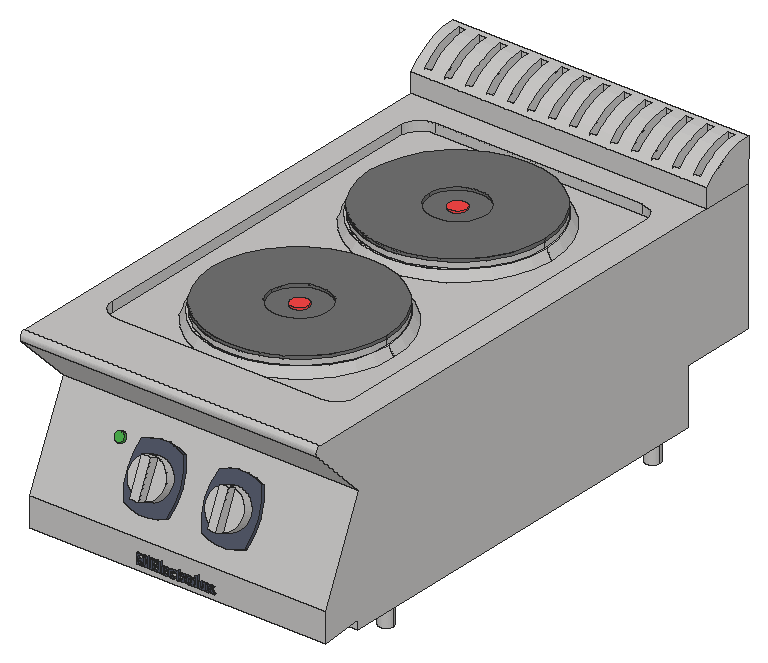
Revit family "QF_ELECTROLUXPROFESSIONAL_371014_E7ECED2R00", category Specialty Equipment, Revit 2018
Family settings
  Round Connector Dimension = Use Diameter
  Part Type = Normal
  Work Plane-Based = No
  Always vertical = Yes
  Cut with Voids When Loaded = No
  Shared = No
  Room Calculation Point = No
Parameters
  Width = 400.05 mm  # constant formula
  Weight in Pounds = 44  # constant formula
  Watts = 5200 VA  # 5200 W
  Volts = 400 V  # constant formula
  URL Cutsheet = "www.electrolux.com/foodservice"
  URL = "www.electrolux.com/foodservice"
  Type Mark [instance] = ""
  Status [instance] = ""
  Specification by User [instance] = ""
  Specification by Manufacturer = ""
  Show Logo [instance] = yes
  Show Clearance [instance] = yes
  Serial Number = ""
  Seismic Rating = ""
  SMACNA No = ""
  Revision Code [instance] = ""
  Phase = 3  # constant formula
  Omniclass Number and Title = ""
  Number of Poles [instance] = 1
  NAFEM Spec ID Number = ""
  Model = "371014"
  Min Ckt Ampacity = 0 A
  Max Overcurrent Protection = 0 A
  Masterspec = ""
  Manufacturer = "ELECTROLUX"
  Item Number [instance] = ""
  Installed By [instance] = ""
  Identify Quantity as Lot [instance] = yes
  Height = 331.8 mm  # constant formula
  HP = "7 HP"
  Furnished By [instance] = ""
  Foodservice Equipment Identifier [instance] = yes
  FL Amps = if(Phase = 3, Watts / (Volts * 1.73), Watts / Volts)  # 7.51445 A
  Electrical Remarks [instance] = "400 V/3N ph/50/60 Hz"  # constant formula
  Electric Connection Type [instance] = ""
  Elec Conn RI Height [instance] = 0 mm
  Elec Conn Connection Height [instance] = 0 mm
  Direct Waste Size = 0"
  Description = "700XP 2 Hot Plate Electric Boiling Top 2.6 KW - 400V"
  Depth = 730.25 mm  # constant formula
  Cycle [instance] = if([60 Hertz Option], 60 Hz, 50 Hz)  # 60 Hz
  Conn Plug = ""
  Conn Conduit = yes
  CSI MasterFormat = ""
  CSI Master Format = ""
  Base Height [instance] = 23.813 mm  # constant formula
  Assembly Code = ""
  Apparent Power = if(Phase = 3, Volts * FL Amps * 1.73, Volts * FL Amps)  # 5200 VA
  60 Hertz Option [instance] = not([50 Hertz Option])  # yes
  50 Hertz Option [instance] = no
Reference planes
  plane 1 "BACK": y = 0
  plane 2: z = 0
  plane 3 "LEFT": x = 0
  plane 4 "RIGHT": x = 400.05
  plane 5 "FRONT": y = -730.25
  plane 6 "TOP": z = 288.925
  plane 7 "Center Y": x = 200.025
  plane 8 "Center X": y = -365.125
  plane 9 "BASE": z = 23.813
  plane 10 "TOP A": z = 274.638
  plane 11: y = -597.884
  plane 12: y = -147.637
  plane 13: z = 331.8
Forms (mm)
  Extrusion 1, solid, material "QF_Finishes_Stainless Steel"
    sketch origin (0, 0, 0) x (0, 1, 0) y (0, 0, 1)
      loop
        line (0, 274.638) -> (-722.762, 274.638)
        arc (-722.762, 274.638) -> (-729.591, 270.074) -> (-727.988, 262.019) r 7.392
        line (-727.988, 262.019) -> (-657.416, 191.447) -> (-713.772, 69.003) -> (-713.772, 30.903) -> (-660.4, 36.513) -> (-660.4, 23.812) -> (-101.6, 23.812) -> (-101.6, 98.425) -> (0, 98.425) -> (0, 274.638)
    from 0 to 400.05
  Extrusion 2, solid, material "QF_Finishes_Stainless Steel"
    sketch origin (0, 0, 0) x (1, 0, 0) y (0, 1, 0)
      loop
        circle (11.112, -147.638) r 9.525
      loop
        circle (11.112, -597.884) r 9.525
      loop
        circle (388.937, -147.638) r 9.525
      loop
        circle (388.937, -597.884) r 9.525
    from 0 to 23.813
  Extrusion 3, solid, material "QF_Finishes_Navy Blue", visible <- "Show Logo"
    sketch origin (-141.676, -713.772, 30.903) x (0, 0, 1) y (-1, 0, 0)
      loop
        line (20.674, -296.698) -> (8.307, -296.698)
        arc (8.307, -296.698) -> (14.491, -301.27) -> (20.674, -296.698) r 6.467
      loop
        arc (20.674, -296.069) -> (19.505, -290.926) -> (14.849, -288.448) r 6.338
        line (14.849, -288.448) -> (14.849, -290.494)
        arc (14.849, -290.494) -> (16.333, -294.149) -> (19.778, -296.069) r 5.941
        line (19.778, -296.069) -> (20.674, -296.069)
      loop
        arc (9.203, -296.069) -> (12.648, -294.149) -> (14.132, -290.494) r 5.941
        line (14.132, -290.494) -> (14.132, -288.448)
        arc (14.132, -288.448) -> (9.438, -290.922) -> (8.148, -296.069) r 6.504
        line (8.148, -296.069) -> (9.203, -296.069)
      loop
        line (21.349, -287.979) -> (7.604, -287.979) -> (7.604, -301.742) -> (21.349, -301.742) -> (21.349, -287.979)
      loop
        arc (21.432, -304.71) -> (21.085, -304.352) -> (20.718, -304.69) r 0.358
        arc (20.718, -304.69) -> (20.404, -305.44) -> (19.687, -305.825) r 1.216
        line (19.687, -305.825) -> (9.274, -305.825)
        arc (9.274, -305.825) -> (8.614, -305.548) -> (8.218, -304.951) r 1.238
        arc (8.218, -304.951) -> (7.823, -304.7) -> (7.518, -305.054) r 0.358
        line (7.518, -305.054) -> (7.518, -314.933) -> (10.269, -314.933) -> (10.269, -314.036)
        arc (10.269, -314.036) -> (9.36, -313.456) -> (8.904, -312.479) r 1.928
        line (8.904, -312.479) -> (8.904, -309.98)
        arc (8.904, -309.98) -> (9.18, -309.251) -> (9.868, -308.887) r 1.101
        line (9.868, -308.887) -> (13.955, -308.887) -> (13.955, -312.561)
        arc (13.955, -312.561) -> (13.602, -313.058) -> (13.037, -313.286) r 1.083
        arc (13.037, -313.286) -> (12.773, -313.591) -> (13.065, -313.869) r 0.292
        line (13.065, -313.869) -> (16.028, -313.869)
        arc (16.028, -313.869) -> (16.33, -313.596) -> (16.092, -313.266) r 0.305
        arc (16.092, -313.266) -> (15.601, -313.018) -> (15.296, -312.561) r 1.083
        line (15.296, -312.561) -> (15.296, -308.887) -> (19.973, -308.887) -> (19.973, -312.635)
        arc (19.973, -312.635) -> (19.759, -313.39) -> (19.153, -313.888) r 1.314
        arc (19.153, -313.888) -> (18.934, -314.292) -> (19.288, -314.585) r 0.361
        line (19.288, -314.585) -> (21.432, -314.585) -> (21.432, -304.71)
      loop
        arc (20.715, -315.365) -> (20.335, -316.284) -> (19.416, -316.664) r 1.299
        line (19.416, -316.664) -> (9.837, -316.664)
        arc (9.837, -316.664) -> (8.999, -316.286) -> (8.728, -315.408) r 1.118
        line (8.728, -315.408) -> (7.518, -315.408) -> (7.518, -320.758) -> (8.706, -320.758)
        arc (8.706, -320.758) -> (8.978, -319.841) -> (9.848, -319.445) r 1.153
        line (9.848, -319.445) -> (21.92, -319.445) -> (20.715, -315.365)
      loop
        line (12.483, -323.394) -> (12.483, -329.842) -> (13.282, -329.842)
        arc (13.282, -329.842) -> (15.862, -328.857) -> (17.131, -326.404) r 3.874
        line (17.131, -326.404) -> (17.131, -324.643)
        arc (17.131, -324.643) -> (15.944, -321.778) -> (13.08, -320.592) r 4.051
        line (13.08, -320.592) -> (11.072, -320.592)
        arc (11.072, -320.592) -> (8.253, -322.077) -> (7.202, -325.084) r 4.352
        arc (7.202, -325.084) -> (7.566, -327.547) -> (8.943, -329.621) r 5.713
        line (8.943, -329.621) -> (9.892, -329.621)
        arc (9.892, -329.621) -> (9.16, -328.052) -> (8.943, -326.334) r 5.579
        arc (8.943, -326.334) -> (9.737, -324.371) -> (11.616, -323.394) r 3.057
        line (11.616, -323.394) -> (12.483, -323.394)
      loop
        line (13.742, -323.394) -> (13.742, -326.977)
        arc (13.742, -326.977) -> (15.199, -327.024) -> (16.082, -325.864) r 1.59
        line (16.082, -325.864) -> (16.082, -325.034)
        arc (16.082, -325.034) -> (15.217, -323.779) -> (13.742, -323.394) r 2.184
      loop
        arc (16.533, -339.259) -> (17.022, -337.585) -> (17.179, -335.848) r 9.023
        line (17.179, -335.848) -> (17.179, -334.486)
        arc (17.179, -334.486) -> (16.02, -331.686) -> (13.22, -330.527) r 3.959
        line (13.22, -330.527) -> (10.62, -330.527)
        arc (10.62, -330.527) -> (8.338, -331.819) -> (7.221, -334.192) r 4.331
        line (7.221, -334.192) -> (7.221, -336.327)
        arc (7.221, -336.327) -> (7.729, -337.877) -> (8.651, -339.223) r 5.772
        arc (8.651, -339.223) -> (9.412, -339.274) -> (9.499, -338.515) r 0.553
        arc (9.499, -338.515) -> (9.111, -337.781) -> (8.977, -336.962) r 2.573
        line (8.977, -336.962) -> (8.977, -335.447)
        arc (8.977, -335.447) -> (9.983, -333.806) -> (11.798, -333.163) r 2.884
        line (11.798, -333.163) -> (13.077, -333.163)
        arc (13.077, -333.163) -> (14.898, -333.723) -> (15.824, -335.388) r 2.554
        line (15.824, -335.388) -> (15.824, -336.441)
        arc (15.824, -336.441) -> (15.493, -337.369) -> (14.836, -338.104) r 2.564
        arc (14.836, -338.104) -> (14.614, -338.821) -> (15.223, -339.259) r 0.643
        line (15.223, -339.259) -> (16.533, -339.259)
      loop
        line (15.515, -339.53) -> (15.515, -341.031) -> (9.467, -341.031)
        arc (9.467, -341.031) -> (7.879, -341.688) -> (7.221, -343.276) r 2.246
        line (7.221, -343.276) -> (7.221, -344.86)
        arc (7.221, -344.86) -> (7.535, -345.725) -> (8.035, -346.496) r 4.06
        arc (8.035, -346.496) -> (8.768, -346.629) -> (9.019, -345.928) r 0.576
        arc (9.019, -345.928) -> (8.913, -345.403) -> (8.977, -344.87) r 1.69
        arc (8.977, -344.87) -> (9.519, -344.082) -> (10.425, -343.779) r 1.506
        line (10.425, -343.779) -> (15.563, -343.779) -> (15.563, -346.176) -> (16.119, -346.733) -> (16.941, -346.733) -> (16.941, -343.873) -> (20.172, -343.873) -> (15.515, -339.53)
      loop
        line (7.438, -347.63) -> (7.438, -353.017) -> (8.548, -353.017)
        arc (8.548, -353.017) -> (8.942, -352.066) -> (9.893, -351.672) r 1.345
        line (9.893, -351.672) -> (13.509, -351.672)
        arc (13.509, -351.672) -> (14.274, -352.264) -> (14.564, -353.186) r 1.615
        line (14.564, -353.186) -> (14.564, -354.742) -> (17.119, -355.427) -> (17.119, -354.044) -> (15.177, -351.485) -> (17.057, -351.485) -> (16.773, -348.779)
        arc (16.773, -348.779) -> (16.333, -348.249) -> (15.674, -348.45) r 0.621
        arc (15.674, -348.45) -> (15.274, -348.792) -> (14.78, -348.975) r 1.501
        line (14.78, -348.975) -> (9.893, -348.975)
        arc (9.893, -348.975) -> (8.942, -348.581) -> (8.548, -347.63) r 1.345
        line (8.548, -347.63) -> (7.438, -347.63)
      loop
        line (13.54, -354.964) -> (10.848, -354.964)
        arc (10.848, -354.964) -> (8.403, -356.272) -> (7.269, -358.803) r 4.288
        arc (7.269, -358.803) -> (7.205, -360.183) -> (7.269, -361.563) r 15.022
        arc (7.269, -361.563) -> (8.403, -364.094) -> (10.848, -365.401) r 4.288
        line (10.848, -365.401) -> (13.54, -365.401)
        arc (13.54, -365.401) -> (15.986, -364.094) -> (17.119, -361.563) r 4.288
        arc (17.119, -361.563) -> (17.183, -360.183) -> (17.119, -358.803) r 15.022
        arc (17.119, -358.803) -> (15.986, -356.272) -> (13.54, -354.964) r 4.288
      loop
        line (13.745, -358.078) -> (10.643, -358.078)
        arc (10.643, -358.078) -> (8.486, -360.235) -> (10.643, -362.392) r 2.157
        line (10.643, -362.392) -> (13.745, -362.392)
        arc (13.745, -362.392) -> (15.902, -360.235) -> (13.745, -358.078) r 2.157
      loop
        arc (20.726, -365.26) -> (20.355, -366.154) -> (19.461, -366.524) r 1.264
        line (19.461, -366.524) -> (9.597, -366.524)
        arc (9.597, -366.524) -> (8.727, -366.127) -> (8.455, -365.211) r 1.153
        line (8.455, -365.211) -> (7.518, -365.211) -> (7.518, -370.319) -> (8.446, -370.319)
        arc (8.446, -370.319) -> (8.805, -369.547) -> (9.597, -369.232) r 1.153
        line (9.597, -369.232) -> (21.92, -369.232) -> (20.726, -365.26)
      loop
        arc (15.846, -369.857) -> (15.647, -370.921) -> (14.678, -371.403) r 1.215
        line (14.678, -371.403) -> (9.658, -371.403)
        arc (9.658, -371.403) -> (8.043, -372.051) -> (7.322, -373.634) r 2.338
        line (7.322, -373.634) -> (7.322, -375.148)
        arc (7.322, -375.148) -> (7.497, -376.152) -> (7.999, -377.038) r 2.979
        line (7.999, -377.038) -> (7.518, -378.835) -> (7.518, -380.524) -> (16.943, -380.524) -> (16.649, -376.32) -> (15.863, -376.32)
        arc (15.863, -376.32) -> (15.507, -377.156) -> (14.755, -377.665) r 1.605
        line (14.755, -377.665) -> (9.652, -377.665)
        arc (9.652, -377.665) -> (9.232, -376.728) -> (9.159, -375.704) r 2.94
        arc (9.159, -375.704) -> (9.72, -374.603) -> (10.873, -374.16) r 1.724
        line (10.873, -374.16) -> (17.07, -374.16) -> (15.846, -369.857)
      loop
        line (16.874, -381.377) -> (15.202, -383.423) -> (12.028, -385.729) -> (8.572, -382.617)
        arc (8.572, -382.617) -> (8.335, -382.223) -> (8.357, -381.764) r 0.789
        line (8.357, -381.764) -> (7.518, -381.764) -> (7.518, -385.309) -> (8.344, -385.309)
        arc (8.344, -385.309) -> (8.686, -384.947) -> (9.176, -385.039) r 0.52
        line (9.176, -385.039) -> (10.976, -386.51) -> (8.858, -387.886)
        arc (8.858, -387.886) -> (8.457, -387.576) -> (8.37, -387.076) r 0.7
        line (8.37, -387.076) -> (7.518, -387.076) -> (7.518, -393.003) -> (8.405, -393.003)
        arc (8.405, -393.003) -> (8.472, -392.344) -> (8.866, -391.813) r 1.247
        line (8.866, -391.813) -> (13.066, -388.532) -> (15.513, -390.585) -> (16.874, -392.327) -> (16.874, -388.604) -> (15.389, -389.026) -> (13.868, -387.749) -> (15.568, -386.559) -> (16.874, -387.336) -> (16.874, -381.377)
    from 0 to 1.644
  Extrusion 4, solid, material "QF_Finishes_Stainless Steel"
    sketch origin (0, -101.6, 101.6) x (0, 0, -1) y (-1, 0, 0)
      loop
        circle (41.275, -347.663) r 12.7
    from 0 to 3.175
  Extrusion 5, solid, material "QF_Finishes_Clearance", visible <- "Show Clearance", detail levels coarse
    sketch origin (0, 0, 0) x (1, 0, 0) y (0, 1, 0)
      loop
        line (0, -730.25) -> (0, 0) -> (400.05, 0) -> (400.05, -730.25) -> (550.069, -730.25) -> (550.069, 150.019) -> (-150.019, 150.019) -> (-150.019, -730.25) -> (0, -730.25)
    from 0 to 331.8
  Extrusion 6, solid, material "QF_Finishes_Stainless Steel"
    sketch origin (0, 0, 0) x (0, 1, 0) y (0, 0, 1)
      loop
        line (0, 274.638) -> (0, 331.8)
        arc (0, 331.8) -> (-38.462, 323.697) -> (-69.85, 300.038) r 90.405
        line (-69.85, 300.038) -> (-69.85, 274.638) -> (0, 274.638)
    from 0 to 400.05
  Extrusion 7, void
    sketch origin (0, 0, 274.638) x (-1, 0, 0) y (0, -1, 0)
      loop
        line (-13.453, 6.761) -> (-13.453, 63.911) -> (-22.749, 63.911) -> (-22.749, 6.761) -> (-13.453, 6.761)
    from 25.4 to 63.5
  Extrusion 8, void
    sketch origin (400.05, 0, 274.638) x (1, 0, 0) y (0, 1, 0)
      loop
        line (-13.453, -6.761) -> (-22.749, -6.761) -> (-22.749, -63.911) -> (-13.453, -63.911) -> (-13.453, -6.761)
    from 25.4 to 63.5
  Extrusion 9, void
    sketch origin (27.988, 0, 274.638) x (-1, 0, 0) y (0, -1, 0)
      loop
        line (-13.453, 6.761) -> (-13.453, 63.911) -> (-22.749, 63.911) -> (-22.749, 6.761) -> (-13.453, 6.761)
    from 25.4 to 63.5
  Extrusion 10, void
    sketch origin (55.977, 0, 274.638) x (-1, 0, 0) y (0, -1, 0)
      loop
        line (-13.453, 6.761) -> (-13.453, 63.911) -> (-22.749, 63.911) -> (-22.749, 6.761) -> (-13.453, 6.761)
    from 25.4 to 63.5
  Extrusion 11, void
    sketch origin (83.965, 0, 274.638) x (-1, 0, 0) y (0, -1, 0)
      loop
        line (-13.453, 6.761) -> (-13.453, 63.911) -> (-22.749, 63.911) -> (-22.749, 6.761) -> (-13.453, 6.761)
    from 25.4 to 63.5
  Extrusion 12, void
    sketch origin (111.953, 0, 274.638) x (-1, 0, 0) y (0, -1, 0)
      loop
        line (-13.453, 6.761) -> (-13.453, 63.911) -> (-22.749, 63.911) -> (-22.749, 6.761) -> (-13.453, 6.761)
    from 25.4 to 63.5
  Extrusion 13, void
    sketch origin (139.942, 0, 274.638) x (-1, 0, 0) y (0, -1, 0)
      loop
        line (-13.453, 6.761) -> (-13.453, 63.911) -> (-22.749, 63.911) -> (-22.749, 6.761) -> (-13.453, 6.761)
    from 25.4 to 63.5
  Extrusion 14, void
    sketch origin (167.93, 0, 274.638) x (-1, 0, 0) y (0, -1, 0)
      loop
        line (-13.453, 6.761) -> (-13.453, 63.911) -> (-22.749, 63.911) -> (-22.749, 6.761) -> (-13.453, 6.761)
    from 25.4 to 63.5
  Extrusion 15, void
    sketch origin (195.918, 0, 274.638) x (-1, 0, 0) y (0, -1, 0)
      loop
        line (-13.453, 6.761) -> (-13.453, 63.911) -> (-22.749, 63.911) -> (-22.749, 6.761) -> (-13.453, 6.761)
    from 25.4 to 63.5
  Extrusion 16, void
    sketch origin (223.907, 0, 274.638) x (-1, 0, 0) y (0, -1, 0)
      loop
        line (-13.453, 6.761) -> (-13.453, 63.911) -> (-22.749, 63.911) -> (-22.749, 6.761) -> (-13.453, 6.761)
    from 25.4 to 63.5
  Extrusion 17, void
    sketch origin (251.895, 0, 274.638) x (-1, 0, 0) y (0, -1, 0)
      loop
        line (-13.453, 6.761) -> (-13.453, 63.911) -> (-22.749, 63.911) -> (-22.749, 6.761) -> (-13.453, 6.761)
    from 25.4 to 63.5
  Extrusion 18, void
    sketch origin (279.884, 0, 274.638) x (-1, 0, 0) y (0, -1, 0)
      loop
        line (-13.453, 6.761) -> (-13.453, 63.911) -> (-22.749, 63.911) -> (-22.749, 6.761) -> (-13.453, 6.761)
    from 25.4 to 63.5
  Extrusion 19, void
    sketch origin (307.872, 0, 274.638) x (-1, 0, 0) y (0, -1, 0)
      loop
        line (-13.453, 6.761) -> (-13.453, 63.911) -> (-22.749, 63.911) -> (-22.749, 6.761) -> (-13.453, 6.761)
    from 25.4 to 63.5
  Extrusion 20, void
    sketch origin (335.86, 0, 274.638) x (-1, 0, 0) y (0, -1, 0)
      loop
        line (-13.453, 6.761) -> (-13.453, 63.911) -> (-22.749, 63.911) -> (-22.749, 6.761) -> (-13.453, 6.761)
    from 25.4 to 63.5
  Extrusion 21, solid, material "QF_Finishes_Navy Blue"
    sketch origin (-13.506, -713.772, 69.003) x (0, 0.418102, 0.9084) y (-1, 0, 0)
      loop
        arc (102.623, -132.62) -> (67.041, -124.996) -> (31.333, -132.003) r 90.5
        arc (31.333, -132.003) -> (24.507, -161.19) -> (31.333, -190.378) r 65.817
        arc (31.333, -190.378) -> (67.04, -197.338) -> (102.623, -189.765) r 91.066
        arc (102.623, -189.765) -> (109.179, -161.193) -> (102.623, -132.62) r 65.546
    from 0 to 3.175
  Extrusion 22, solid, material "QF_Finishes_Stainless Steel"
    sketch origin (-13.506, -717.485, 68.529) x (0, 0.418102, 0.9084) y (-1, 0, 0)
      loop
        circle (68.826, -160.963) r 25.4
    from 0 to 12.7
  Extrusion 23, solid, material "QF_Finishes_Stainless Steel"
    sketch origin (-13.506, -729.022, 73.839) x (0, 0.418102, 0.9084) y (-1, 0, 0)
      loop
        arc (93.558, -166.749) -> (94.226, -160.963) -> (93.558, -155.177) r 25.4
        line (93.558, -155.177) -> (44.094, -155.177)
        arc (44.094, -155.177) -> (43.426, -160.963) -> (44.094, -166.749) r 25.4
        line (44.094, -166.749) -> (93.558, -166.749)
    from 0 to 12.7
  Extrusion 24, solid, material "QF_Finishes_Green"
    sketch origin (0.781, -713.772, 69.003) x (0, 0.418102, 0.9084) y (-1, 0, 0)
      loop
        circle (95.112, -90.848) r 6.35
    from 0 to 3.175
  Extrusion 25, void
    sketch origin (0, 0, 274.638) x (1, 0, 0) y (0, -1, 0)
      loop
        line (60.425, 104.885) -> (339.625, 104.885)
        arc (339.625, 104.885) -> (357.586, 112.324) -> (365.025, 130.285) r 25.4
        line (365.025, 130.285) -> (365.025, 619.485)
        arc (365.025, 619.485) -> (357.586, 637.445) -> (339.625, 644.885) r 25.4
        line (339.625, 644.885) -> (60.425, 644.885)
        arc (60.425, 644.885) -> (42.464, 637.445) -> (35.025, 619.485) r 25.4
        line (35.025, 619.485) -> (35.025, 130.285)
        arc (35.025, 130.285) -> (42.464, 112.324) -> (60.425, 104.885) r 25.4
    from 0 to 12.7
  Extrusion 26, solid, material "QF_Finishes_Navy Blue"
    sketch origin (91.63, -713.772, 69.003) x (0, 0.418102, 0.9084) y (-1, 0, 0)
      loop
        arc (102.623, -132.62) -> (67.041, -124.996) -> (31.333, -132.003) r 90.5
        arc (31.333, -132.003) -> (24.507, -161.19) -> (31.333, -190.378) r 65.817
        arc (31.333, -190.378) -> (67.04, -197.338) -> (102.623, -189.765) r 91.066
        arc (102.623, -189.765) -> (109.179, -161.193) -> (102.623, -132.62) r 65.546
    from 0 to 3.175
  Extrusion 27, solid, material "QF_Finishes_Stainless Steel"
    sketch origin (91.63, -717.485, 68.529) x (0, 0.418102, 0.9084) y (-1, 0, 0)
      loop
        circle (68.826, -160.963) r 25.4
    from 0 to 12.7
  Extrusion 28, solid, material "QF_Finishes_Stainless Steel"
    sketch origin (91.63, -729.022, 73.839) x (0, 0.418102, 0.9084) y (-1, 0, 0)
      loop
        arc (93.558, -166.749) -> (94.226, -160.963) -> (93.558, -155.177) r 25.4
        line (93.558, -155.177) -> (44.094, -155.177)
        arc (44.094, -155.177) -> (43.426, -160.963) -> (44.094, -166.749) r 25.4
        line (44.094, -166.749) -> (93.558, -166.749)
    from 0 to 12.7
Cuts and joins
  Extrusion 7, Extrusion 8, Extrusion 9, Extrusion 10, Extrusion 11, Extrusion 12, Extrusion 13, Extrusion 14, Extrusion 15, Extrusion 16, Extrusion 17, Extrusion 18, Extrusion 19, Extrusion 20 cuts Extrusion 6
  Extrusion 25 cuts Extrusion 1
Lines and regions (mm)
  symbolic lines, style "QF-Clearances", visible <- "Show Clearance", detail levels coarse
    curve 1: line (550.069, 150.019, 274.638) -> (-150.019, 150.019, 274.638)
    curve 2: line (550.069, -731.627, 274.638) -> (550.069, 150.019, 274.638)
    curve 3: line (-150.019, 150.019, 274.638) -> (-150.019, -730.25, 274.638)
    curve 4: line (550.069, 150.019, 274.638) -> (-150.019, 150.019, 274.638)
    curve 5: line (550.069, -730.25, 274.638) -> (550.069, 150.019, 274.638)
  symbolic lines
    curve 6: line (0, 0, 274.638) -> (400.05, 0, 274.638)
    curve 7: line (0, -730.25, 274.638) -> (0, 0, 274.638)
    curve 8: line (400.05, 0, 274.638) -> (400.05, -730.25, 274.638)
    curve 9: line (0, -69.85, 274.638) -> (400.05, -69.85, 274.638)
    curve 10: line (13.453, -6.761, 274.638) -> (22.749, -6.761, 274.638)
    curve 11: line (13.453, -63.911, 274.638) -> (13.453, -6.761, 274.638)
    curve 12: line (22.749, -63.911, 274.638) -> (13.453, -63.911, 274.638)
    curve 13: line (22.749, -6.761, 274.638) -> (22.749, -63.911, 274.638)
    curve 14: line (41.441, -6.761, 274.638) -> (50.737, -6.761, 274.638)
    curve 15: line (41.441, -63.911, 274.638) -> (41.441, -6.761, 274.638)
    curve 16: line (50.737, -63.911, 274.638) -> (41.441, -63.911, 274.638)
    curve 17: line (50.737, -6.761, 274.638) -> (50.737, -63.911, 274.638)
    curve 18: line (69.43, -6.761, 274.638) -> (78.725, -6.761, 274.638)
    curve 19: line (69.43, -63.911, 274.638) -> (69.43, -6.761, 274.638)
    curve 20: line (78.725, -63.911, 274.638) -> (69.43, -63.911, 274.638)
    curve 21: line (78.725, -6.761, 274.638) -> (78.725, -63.911, 274.638)
    curve 22: line (97.418, -6.761, 274.638) -> (106.714, -6.761, 274.638)
    curve 23: line (97.418, -63.911, 274.638) -> (97.418, -6.761, 274.638)
    curve 24: line (106.714, -63.911, 274.638) -> (97.418, -63.911, 274.638)
    curve 25: line (106.714, -6.761, 274.638) -> (106.714, -63.911, 274.638)
    curve 26: line (125.406, -6.761, 274.638) -> (134.702, -6.761, 274.638)
    curve 27: line (125.406, -63.911, 274.638) -> (125.406, -6.761, 274.638)
    curve 28: line (134.702, -63.911, 274.638) -> (125.406, -63.911, 274.638)
    curve 29: line (134.702, -6.761, 274.638) -> (134.702, -63.911, 274.638)
    curve 30: line (153.395, -6.761, 274.638) -> (162.69, -6.761, 274.638)
    curve 31: line (153.395, -63.911, 274.638) -> (153.395, -6.761, 274.638)
    curve 32: line (162.69, -63.911, 274.638) -> (153.395, -63.911, 274.638)
    curve 33: line (162.69, -6.761, 274.638) -> (162.69, -63.911, 274.638)
    curve 34: line (181.383, -6.761, 274.638) -> (190.679, -6.761, 274.638)
    curve 35: line (181.383, -63.911, 274.638) -> (181.383, -6.761, 274.638)
    curve 36: line (190.679, -63.911, 274.638) -> (181.383, -63.911, 274.638)
    curve 37: line (190.679, -6.761, 274.638) -> (190.679, -63.911, 274.638)
    curve 38: line (209.371, -6.761, 274.638) -> (218.667, -6.761, 274.638)
    curve 39: line (209.371, -63.911, 274.638) -> (209.371, -6.761, 274.638)
    curve 40: line (218.667, -63.911, 274.638) -> (209.371, -63.911, 274.638)
    curve 41: line (218.667, -6.761, 274.638) -> (218.667, -63.911, 274.638)
    curve 42: line (237.36, -6.761, 274.638) -> (246.655, -6.761, 274.638)
    curve 43: line (237.36, -63.911, 274.638) -> (237.36, -6.761, 274.638)
    curve 44: line (246.655, -63.911, 274.638) -> (237.36, -63.911, 274.638)
    curve 45: line (246.655, -6.761, 274.638) -> (246.655, -63.911, 274.638)
    curve 46: line (265.348, -6.761, 274.638) -> (274.644, -6.761, 274.638)
    curve 47: line (265.348, -63.911, 274.638) -> (265.348, -6.761, 274.638)
    curve 48: line (274.644, -63.911, 274.638) -> (265.348, -63.911, 274.638)
    curve 49: line (274.644, -6.761, 274.638) -> (274.644, -63.911, 274.638)
    curve 50: line (293.336, -6.761, 274.638) -> (302.632, -6.761, 274.638)
    curve 51: line (293.336, -63.911, 274.638) -> (293.336, -6.761, 274.638)
    curve 52: line (302.632, -63.911, 274.638) -> (293.336, -63.911, 274.638)
    curve 53: line (302.632, -6.761, 274.638) -> (302.632, -63.911, 274.638)
    curve 54: line (321.325, -6.761, 274.638) -> (330.62, -6.761, 274.638)
    curve 55: line (321.325, -63.911, 274.638) -> (321.325, -6.761, 274.638)
    curve 56: line (330.62, -63.911, 274.638) -> (321.325, -63.911, 274.638)
    curve 57: line (330.62, -6.761, 274.638) -> (330.62, -63.911, 274.638)
    curve 58: line (349.313, -6.761, 274.638) -> (358.609, -6.761, 274.638)
    curve 59: line (349.313, -63.911, 274.638) -> (349.313, -6.761, 274.638)
    curve 60: line (358.609, -63.911, 274.638) -> (349.313, -63.911, 274.638)
    curve 61: line (358.609, -6.761, 274.638) -> (358.609, -63.911, 274.638)
    curve 62: line (377.301, -6.761, 274.638) -> (386.597, -6.761, 274.638)
    curve 63: line (377.301, -63.911, 274.638) -> (377.301, -6.761, 274.638)
    curve 64: line (386.597, -63.911, 274.638) -> (377.301, -63.911, 274.638)
    curve 65: line (386.597, -6.761, 274.638) -> (386.597, -63.911, 274.638)
    curve 66: line (400.05, -730.25, 274.638) -> (0, -730.25, 274.638)
    curve 67: line (35.025, -619.485, 0) -> (35.025, -130.285, 0)
    curve 68: arc (35.025, -130.285, 0) -> (42.464, -112.324, 0) -> (60.425, -104.885, 0) r 25.4
    curve 69: line (60.425, -104.885, 0) -> (339.625, -104.885, 0)
    curve 70: arc (339.625, -104.885, 0) -> (357.586, -112.324, 0) -> (365.025, -130.285, 0) r 25.4
    curve 71: line (365.025, -130.285, 0) -> (365.025, -619.485, 0)
    curve 72: arc (365.025, -619.485, 0) -> (357.586, -637.445, 0) -> (339.625, -644.885, 0) r 25.4
    curve 73: line (339.625, -644.885, 0) -> (60.425, -644.885, 0)
    curve 74: arc (60.425, -644.885, 0) -> (42.464, -637.445, 0) -> (35.025, -619.485, 0) r 25.4
Dimensions and locks
  equal spacing: plane 3 "LEFT", plane 7 "Center Y", plane 4 "RIGHT"
  "Width": plane 3 "LEFT" to plane 4 "RIGHT"
  equal spacing: plane 5 "FRONT", plane 8 "Center X", plane 1 "BACK"
  "Depth": plane 5 "FRONT" to plane 1 "BACK"
  plane 1 "BACK" to plane 5 "FRONT" = 730.25 mm
  "Base Height": plane 9 "BASE" to level
  locked: plane 10 "TOP A" to plane 9 "BASE" at 250.825
  plane 10 "TOP A" to plane 9 "BASE" = 250.825 mm
  plane 9 "BASE" to level = 23.813 mm
  plane 4 "RIGHT" to Extrusion 4 sketch curve = 52.388 mm
  plane 13 to level = 331.8 mm
  Extrusion 4 sketch curve to plane 9 "BASE" = 36.513 mm
  aligned and locked: level to plane 2
Automatic sketch dimensions
  plane 4 "RIGHT" to curve 2 = 150.019 mm
  curve 1 to plane 3 "LEFT" = 150.019 mm
  curve 1 to plane 1 "BACK" = 150.019 mm
  plane 5 "FRONT" to curve 2 = 1.377 mm
  Extrusion 1 sketch curve to plane 10 "TOP A" = 0 mm
  Extrusion 1 sketch curve to plane 9 "BASE" = 0 mm
  Extrusion 1 sketch curve to plane 1 "BACK" = 0 mm
  Extrusion 1 sketch curve to plane 12 = 46.038 mm
  plane 11 to Extrusion 1 sketch curve = 59.531 mm
  plane 9 "BASE" to Extrusion 1 sketch curve = 12.7 mm
  plane 11 to Extrusion 1 sketch curve = 62.516 mm
  Extrusion 1 sketch curve to plane 5 "FRONT" = 16.478 mm
  Extrusion 1 sketch curve to plane 5 "FRONT" = 7.488 mm
  Extrusion 1 sketch curve to plane 5 "FRONT" = 2.262 mm
  plane 9 "BASE" to Extrusion 1 sketch curve = 7.09 mm
  Extrusion 1 sketch curve to Extrusion 1 sketch curve = 38.1 mm
  plane 9 "BASE" to Extrusion 1 sketch curve = 74.612 mm
  Extrusion 1 sketch curve to plane 10 "TOP A" = 83.191 mm
  Extrusion 1 sketch curve to plane 10 "TOP A" = 12.619 mm
  plane 11 to Extrusion 2 sketch curve = 0 mm  (x2)
  plane 12 to Extrusion 2 sketch curve = 0 mm  (x2)
  plane 3 "LEFT" to Extrusion 2 sketch curve = 11.112 mm  (x2)
  Extrusion 2 sketch curve to plane 4 "RIGHT" = 11.113 mm  (x2)
  Extrusion 3 sketch curve to Extrusion 1 = 2.161 mm
  Extrusion 3 sketch curve to Extrusion 1 = 7.202 mm
  Extrusion 3 sketch curve to Extrusion 1 = 7.221 mm  (x2)
  Extrusion 3 sketch curve to Extrusion 3 sketch curve = 5.108 mm  (x2)
  Extrusion 3 sketch curve to Extrusion 3 sketch curve = 0 mm  (x27)
  Extrusion 3 sketch curve to Extrusion 1 = 7.322 mm
  Extrusion 3 sketch curve to Extrusion 3 sketch curve = 0.218 mm
  Extrusion 3 sketch curve to Extrusion 3 sketch curve = 0.195 mm
  Extrusion 3 sketch curve to Extrusion 3 sketch curve = 0.249 mm
  Extrusion 3 sketch curve to Extrusion 1 = 7.518 mm
  Extrusion 3 sketch curve to Extrusion 3 sketch curve = 0.087 mm
  Extrusion 3 sketch curve to Extrusion 3 sketch curve = 0.358 mm
  Extrusion 3 sketch curve to Extrusion 3 sketch curve = 0.481 mm
  Extrusion 3 sketch curve to Extrusion 3 sketch curve = 0.597 mm
  Extrusion 3 sketch curve to Extrusion 3 sketch curve = 0.544 mm
  Extrusion 3 sketch curve to Extrusion 3 sketch curve = 0.936 mm
  Extrusion 3 sketch curve to Extrusion 3 sketch curve = 0.594 mm
  Extrusion 3 sketch curve to Extrusion 3 sketch curve = 0.343 mm
  Extrusion 3 sketch curve to Extrusion 3 sketch curve = 0.159 mm
  Extrusion 3 sketch curve to Extrusion 3 sketch curve = 0.826 mm
  Extrusion 3 sketch curve to Extrusion 3 sketch curve = 0.839 mm
  Extrusion 3 sketch curve to Extrusion 3 sketch curve = 0.852 mm
  Extrusion 3 sketch curve to Extrusion 3 sketch curve = 0.887 mm
  Extrusion 3 sketch curve to Extrusion 3 sketch curve = 0.928 mm
  Extrusion 3 sketch curve to Extrusion 3 sketch curve = 0.938 mm
  Extrusion 3 sketch curve to Extrusion 3 sketch curve = 0.444 mm
  Extrusion 3 sketch curve to Extrusion 3 sketch curve = 1.11 mm  (x3)
  Extrusion 3 sketch curve to Extrusion 3 sketch curve = 0.215 mm
  Extrusion 3 sketch curve to Extrusion 3 sketch curve = 1.43 mm
  Extrusion 3 sketch curve to Extrusion 3 sketch curve = 1.188 mm
  Extrusion 3 sketch curve to Extrusion 3 sketch curve = 1.21 mm  (x2)
  Extrusion 3 sketch curve to Extrusion 3 sketch curve = 0.503 mm
  Extrusion 3 sketch curve to Extrusion 3 sketch curve = 0.488 mm
  Extrusion 3 sketch curve to Extrusion 3 sketch curve = 0.462 mm
  Extrusion 3 sketch curve to Extrusion 3 sketch curve = 1.386 mm
  Extrusion 3 sketch curve to Extrusion 3 sketch curve = 1.742 mm  (x2)
  Extrusion 3 sketch curve to Extrusion 3 sketch curve = 0.821 mm
  Extrusion 3 sketch curve to Extrusion 3 sketch curve = 0.497 mm
  Extrusion 3 sketch curve to Extrusion 3 sketch curve = 0.539 mm
  Extrusion 3 sketch curve to Extrusion 3 sketch curve = 0.686 mm
  Extrusion 3 sketch curve to Extrusion 3 sketch curve = 0.408 mm
  Extrusion 3 sketch curve to Extrusion 3 sketch curve = 0.743 mm
  Extrusion 3 sketch curve to Extrusion 3 sketch curve = 1.16 mm
  Extrusion 3 sketch curve to Extrusion 3 sketch curve = 0.329 mm
  Extrusion 3 sketch curve to Extrusion 3 sketch curve = 1.054 mm
  Extrusion 3 sketch curve to Extrusion 3 sketch curve = 1.056 mm
  Extrusion 3 sketch curve to Extrusion 3 sketch curve = 0.129 mm
  Extrusion 3 sketch curve to Extrusion 3 sketch curve = 0.489 mm
  Extrusion 3 sketch curve to Extrusion 3 sketch curve = 0.441 mm
  Extrusion 3 sketch curve to Extrusion 3 sketch curve = 1.151 mm
  Extrusion 3 sketch curve to Extrusion 3 sketch curve = 1.141 mm  (x2)
  Extrusion 3 sketch curve to Extrusion 3 sketch curve = 0.768 mm
  Extrusion 3 sketch curve to Extrusion 3 sketch curve = 1.653 mm
  Extrusion 3 sketch curve to Extrusion 3 sketch curve = 0.499 mm
  Extrusion 3 sketch curve to Extrusion 3 sketch curve = 0.964 mm
  Extrusion 3 sketch curve to Extrusion 3 sketch curve = 0.949 mm
  Extrusion 3 sketch curve to Extrusion 3 sketch curve = 1.345 mm  (x3)
  Extrusion 3 sketch curve to Extrusion 3 sketch curve = 1.101 mm
  Extrusion 3 sketch curve to Extrusion 3 sketch curve = 0.432 mm
  Extrusion 3 sketch curve to Extrusion 3 sketch curve = 1.142 mm
  Extrusion 3 sketch curve to Extrusion 3 sketch curve = 0.959 mm
  Extrusion 3 sketch curve to Extrusion 3 sketch curve = 0.176 mm
  Extrusion 3 sketch curve to Extrusion 3 sketch curve = 0.728 mm
  Extrusion 3 sketch curve to Extrusion 3 sketch curve = 3.375 mm  (x2)
  Extrusion 3 sketch curve to Extrusion 3 sketch curve = 0.541 mm
  Extrusion 3 sketch curve to Extrusion 3 sketch curve = 0.955 mm
  Extrusion 3 sketch curve to Extrusion 3 sketch curve = 1.251 mm
  Extrusion 3 sketch curve to Extrusion 3 sketch curve = 0.572 mm
  Extrusion 3 sketch curve to Extrusion 3 sketch curve = 1.92 mm
  Extrusion 3 sketch curve to Extrusion 3 sketch curve = 1.224 mm
  Extrusion 3 sketch curve to Extrusion 3 sketch curve = 0.745 mm
  Extrusion 3 sketch curve to Extrusion 3 sketch curve = 2.537 mm
  Extrusion 3 sketch curve to Extrusion 3 sketch curve = 0.896 mm  (x3)
  Extrusion 3 sketch curve to Extrusion 3 sketch curve = 0.036 mm
  Extrusion 3 sketch curve to Extrusion 3 sketch curve = 2.607 mm
  Extrusion 3 sketch curve to Extrusion 3 sketch curve = 0.066 mm
  Extrusion 3 sketch curve to Extrusion 3 sketch curve = 0.248 mm
  Extrusion 3 sketch curve to Extrusion 3 sketch curve = 0.449 mm
  Extrusion 3 sketch curve to Extrusion 3 sketch curve = 1.052 mm
  Extrusion 3 sketch curve to Extrusion 3 sketch curve = 1.863 mm
  Extrusion 3 sketch curve to Extrusion 3 sketch curve = 1.31 mm  (x2)
  Extrusion 3 sketch curve to Extrusion 3 sketch curve = 0.901 mm
  Extrusion 3 sketch curve to Extrusion 3 sketch curve = 1.107 mm
  Extrusion 3 sketch curve to Extrusion 3 sketch curve = 2.122 mm
  Extrusion 3 sketch curve to Extrusion 3 sketch curve = 2.101 mm
  Extrusion 3 sketch curve to Extrusion 3 sketch curve = 0.106 mm
  Extrusion 3 sketch curve to Extrusion 3 sketch curve = 0.029 mm
  Extrusion 3 sketch curve to Extrusion 3 sketch curve = 2.09 mm
  Extrusion 3 sketch curve to Extrusion 3 sketch curve = 1.279 mm
  Extrusion 3 sketch curve to Extrusion 3 sketch curve = 2.008 mm
  Extrusion 3 sketch curve to Extrusion 3 sketch curve = 0.738 mm
  Extrusion 3 sketch curve to Extrusion 3 sketch curve = 0.382 mm
  Extrusion 3 sketch curve to Extrusion 3 sketch curve = 0.384 mm
  Extrusion 3 sketch curve to Extrusion 3 sketch curve = 0.002 mm
  Extrusion 3 sketch curve to Extrusion 3 sketch curve = 0.561 mm
  Extrusion 3 sketch curve to Extrusion 3 sketch curve = 0.592 mm
  Extrusion 3 sketch curve to Extrusion 3 sketch curve = 2.692 mm
  Extrusion 3 sketch curve to Extrusion 3 sketch curve = 1.259 mm
  Extrusion 3 sketch curve to Extrusion 3 sketch curve = 0.802 mm
  Extrusion 3 sketch curve to Extrusion 3 sketch curve = 1.024 mm
  Extrusion 3 sketch curve to Extrusion 3 sketch curve = 0.682 mm
  Extrusion 3 sketch curve to Extrusion 3 sketch curve = 5.934 mm
  Extrusion 3 sketch curve to Extrusion 3 sketch curve = 2.186 mm
  Extrusion 3 sketch curve to Extrusion 3 sketch curve = 0.337 mm
  Extrusion 3 sketch curve to Extrusion 3 sketch curve = 0.021 mm
  Extrusion 3 sketch curve to Extrusion 3 sketch curve = 1.005 mm
  Extrusion 3 sketch curve to Extrusion 3 sketch curve = 0.552 mm
  Extrusion 3 sketch curve to Extrusion 3 sketch curve = 0.778 mm
  Extrusion 3 sketch curve to Extrusion 3 sketch curve = 0.063 mm
  Extrusion 3 sketch curve to Extrusion 3 sketch curve = 1.023 mm
  Extrusion 3 sketch curve to Extrusion 3 sketch curve = 3.804 mm
  Extrusion 3 sketch curve to Extrusion 3 sketch curve = 0.486 mm
  Extrusion 3 sketch curve to Extrusion 3 sketch curve = 0.266 mm
  Extrusion 3 sketch curve to Extrusion 3 sketch curve = 1.547 mm
  Extrusion 3 sketch curve to Extrusion 3 sketch curve = 0.717 mm  (x2)
  Extrusion 3 sketch curve to Extrusion 3 sketch curve = 1.667 mm
  Extrusion 3 sketch curve to Extrusion 3 sketch curve = 3.174 mm
  Extrusion 3 sketch curve to Extrusion 3 sketch curve = 0.388 mm
  Extrusion 3 sketch curve to Extrusion 3 sketch curve = 1.342 mm
  Extrusion 3 sketch curve to Extrusion 3 sketch curve = 1.521 mm
  Extrusion 3 sketch curve to Extrusion 3 sketch curve = 0.124 mm
  Extrusion 3 sketch curve to Extrusion 3 sketch curve = 0.291 mm
  Extrusion 3 sketch curve to Extrusion 3 sketch curve = 1.049 mm  (x2)
  Extrusion 3 sketch curve to Extrusion 3 sketch curve = 1.7 mm
  Extrusion 3 sketch curve to Extrusion 3 sketch curve = 0.894 mm
  Extrusion 3 sketch curve to Extrusion 3 sketch curve = 0.989 mm
  Extrusion 3 sketch curve to Extrusion 3 sketch curve = 1.168 mm
  Extrusion 3 sketch curve to Extrusion 3 sketch curve = 1.594 mm
  Extrusion 3 sketch curve to Extrusion 3 sketch curve = 0.731 mm
  Extrusion 3 sketch curve to Extrusion 3 sketch curve = 1.566 mm
  Extrusion 3 sketch curve to Extrusion 3 sketch curve = 0.064 mm
  Extrusion 3 sketch curve to Extrusion 3 sketch curve = 0.556 mm  (x2)
  Extrusion 3 sketch curve to Extrusion 3 sketch curve = 0.48 mm
  Extrusion 3 sketch curve to Extrusion 3 sketch curve = 0.228 mm
  Extrusion 3 sketch curve to Extrusion 3 sketch curve = 1.018 mm
  Extrusion 3 sketch curve to Extrusion 3 sketch curve = 0.787 mm
  Extrusion 3 sketch curve to Extrusion 3 sketch curve = 0.618 mm
  Extrusion 3 sketch curve to Extrusion 3 sketch curve = 1.672 mm
  Extrusion 3 sketch curve to Extrusion 3 sketch curve = 1.361 mm
  Extrusion 3 sketch curve to Extrusion 3 sketch curve = 0.822 mm
  Extrusion 3 sketch curve to Extrusion 3 sketch curve = 0.069 mm
  Extrusion 3 sketch curve to Extrusion 3 sketch curve = 1.88 mm
  Extrusion 3 sketch curve to Extrusion 3 sketch curve = 0.42 mm
  Extrusion 3 sketch curve to Extrusion 3 sketch curve = 0.062 mm
  Extrusion 3 sketch curve to Extrusion 3 sketch curve = 1.355 mm
  Extrusion 3 sketch curve to Extrusion 3 sketch curve = 2.34 mm
  Extrusion 3 sketch curve to Extrusion 3 sketch curve = 0.493 mm
  Extrusion 3 sketch curve to Extrusion 3 sketch curve = 0.136 mm
  Extrusion 3 sketch curve to Extrusion 3 sketch curve = 0.128 mm
  Extrusion 3 sketch curve to Extrusion 3 sketch curve = 3.616 mm
  Extrusion 3 sketch curve to Extrusion 3 sketch curve = 4.207 mm
  Extrusion 3 sketch curve to Extrusion 3 sketch curve = 0.183 mm
  Extrusion 3 sketch curve to Extrusion 3 sketch curve = 0.895 mm
  Extrusion 3 sketch curve to Extrusion 3 sketch curve = 1.314 mm
  Extrusion 3 sketch curve to Extrusion 3 sketch curve = 3.231 mm
  Extrusion 3 sketch curve to Extrusion 3 sketch curve = 1.299 mm
  Extrusion 3 sketch curve to Extrusion 3 sketch curve = 1.214 mm
  Extrusion 3 sketch curve to Extrusion 3 sketch curve = 1.264 mm
  Extrusion 3 sketch curve to Extrusion 3 sketch curve = 0.109 mm
  Extrusion 3 sketch curve to Extrusion 3 sketch curve = 0.357 mm
  Extrusion 3 sketch curve to Extrusion 3 sketch curve = 0.565 mm
  Extrusion 3 sketch curve to Extrusion 3 sketch curve = 2.504 mm
  Extrusion 3 sketch curve to Extrusion 3 sketch curve = 2.459 mm
  Extrusion 1 to Extrusion 3 sketch curve = 148.723 mm
  Extrusion 3 sketch curve to Extrusion 3 sketch curve = 0.208 mm
  Extrusion 3 sketch curve to Extrusion 3 sketch curve = 0.468 mm  (x2)
  Extrusion 3 sketch curve to Extrusion 3 sketch curve = 1.559 mm
  Extrusion 3 sketch curve to Extrusion 3 sketch curve = 0.422 mm  (x2)
  Extrusion 3 sketch curve to Extrusion 3 sketch curve = 0.494 mm
  Extrusion 3 sketch curve to Extrusion 3 sketch curve = 3.927 mm
  Extrusion 3 sketch curve to Extrusion 3 sketch curve = 0.782 mm
  Extrusion 3 sketch curve to Extrusion 3 sketch curve = 1.268 mm
  Extrusion 3 sketch curve to Extrusion 3 sketch curve = 0.671 mm
  Extrusion 3 sketch curve to Extrusion 3 sketch curve = 0.777 mm
  Extrusion 3 sketch curve to Extrusion 3 sketch curve = 0.704 mm
  Extrusion 3 sketch curve to Extrusion 3 sketch curve = 0.781 mm  (x2)
  Extrusion 3 sketch curve to Extrusion 3 sketch curve = 1.634 mm
  Extrusion 3 sketch curve to Extrusion 3 sketch curve = 0.132 mm
  Extrusion 3 sketch curve to Extrusion 3 sketch curve = 3.136 mm
  Extrusion 3 sketch curve to Extrusion 3 sketch curve = 2.422 mm
  Extrusion 3 sketch curve to Extrusion 3 sketch curve = 0.586 mm
  Extrusion 3 sketch curve to Extrusion 3 sketch curve = 2.046 mm  (x2)
  Extrusion 3 sketch curve to Extrusion 3 sketch curve = 1.241 mm
  Extrusion 3 sketch curve to Extrusion 3 sketch curve = 1.689 mm
  Extrusion 3 sketch curve to Extrusion 3 sketch curve = 2.859 mm
  Extrusion 3 sketch curve to Extrusion 3 sketch curve = 0.627 mm
  Extrusion 3 sketch curve to Extrusion 3 sketch curve = 0.863 mm
  Extrusion 3 sketch curve to Extrusion 3 sketch curve = 0.419 mm
  Extrusion 3 sketch curve to Extrusion 3 sketch curve = 1.514 mm
  Extrusion 3 sketch curve to Extrusion 3 sketch curve = 1.019 mm
  Extrusion 3 sketch curve to Extrusion 3 sketch curve = 0.065 mm
  Extrusion 3 sketch curve to Extrusion 3 sketch curve = 1.215 mm
  Extrusion 3 sketch curve to Extrusion 3 sketch curve = 2.708 mm
  Extrusion 3 sketch curve to Extrusion 3 sketch curve = 1.122 mm
  Extrusion 3 sketch curve to Extrusion 3 sketch curve = 1.153 mm
  Extrusion 3 sketch curve to Extrusion 3 sketch curve = 3.009 mm
  Extrusion 3 sketch curve to Extrusion 3 sketch curve = 0.829 mm  (x2)
  Extrusion 3 sketch curve to Extrusion 3 sketch curve = 0.934 mm
  Extrusion 3 sketch curve to Extrusion 3 sketch curve = 3.376 mm
  Extrusion 3 sketch curve to Extrusion 3 sketch curve = 0.222 mm
  Extrusion 3 sketch curve to Extrusion 3 sketch curve = 1.383 mm
  Extrusion 3 sketch curve to Extrusion 3 sketch curve = 1.556 mm
  Extrusion 3 sketch curve to Extrusion 3 sketch curve = 2.559 mm
  Extrusion 3 sketch curve to Extrusion 3 sketch curve = 2.51 mm
  Extrusion 3 sketch curve to Extrusion 3 sketch curve = 0.131 mm
  Extrusion 3 sketch curve to Extrusion 3 sketch curve = 1.717 mm
  Extrusion 3 sketch curve to Extrusion 3 sketch curve = 1.134 mm
  Extrusion 3 sketch curve to Extrusion 3 sketch curve = 0.366 mm
  Extrusion 3 sketch curve to Extrusion 3 sketch curve = 0.094 mm
  Extrusion 3 sketch curve to Extrusion 3 sketch curve = 1.584 mm
  Extrusion 3 sketch curve to Extrusion 3 sketch curve = 1.501 mm
  Extrusion 3 sketch curve to Extrusion 3 sketch curve = 0.27 mm
  Extrusion 3 sketch curve to Extrusion 3 sketch curve = 1.808 mm
  Extrusion 3 sketch curve to Extrusion 3 sketch curve = 0.643 mm
  Extrusion 3 sketch curve to Extrusion 3 sketch curve = 0.916 mm
  Extrusion 3 sketch curve to Extrusion 3 sketch curve = 0.352 mm
  Extrusion 3 sketch curve to Extrusion 3 sketch curve = 0.458 mm
  Extrusion 3 sketch curve to Extrusion 3 sketch curve = 1.282 mm
  Extrusion 3 sketch curve to Extrusion 3 sketch curve = 1.363 mm
  Extrusion 3 sketch curve to Extrusion 3 sketch curve = 0.685 mm
  Extrusion 3 sketch curve to Extrusion 3 sketch curve = 0.905 mm
  Extrusion 3 sketch curve to Extrusion 3 sketch curve = 2.865 mm
  Extrusion 3 sketch curve to Extrusion 3 sketch curve = 0.472 mm
  Extrusion 3 sketch curve to Extrusion 3 sketch curve = 0.101 mm
  Extrusion 3 sketch curve to Extrusion 3 sketch curve = 0.54 mm
  Extrusion 3 sketch curve to Extrusion 3 sketch curve = 0.02 mm
  Extrusion 3 sketch curve to Extrusion 3 sketch curve = 0.582 mm
  Extrusion 3 sketch curve to Extrusion 3 sketch curve = 0.166 mm
  Extrusion 3 sketch curve to Extrusion 3 sketch curve = 0.16 mm
  Extrusion 3 sketch curve to Extrusion 3 sketch curve = 2.781 mm
  Extrusion 3 sketch curve to Extrusion 3 sketch curve = 1.118 mm
  Extrusion 3 sketch curve to Extrusion 3 sketch curve = 0.613 mm
  Extrusion 3 sketch curve to Extrusion 3 sketch curve = 0.361 mm
  Extrusion 3 sketch curve to Extrusion 3 sketch curve = 0.897 mm
  Extrusion 3 sketch curve to Extrusion 3 sketch curve = 0.167 mm
  Extrusion 3 sketch curve to Extrusion 3 sketch curve = 0.292 mm
  Extrusion 3 sketch curve to Extrusion 3 sketch curve = 0.305 mm
  Extrusion 3 sketch curve to Extrusion 3 sketch curve = 1.557 mm
  Extrusion 3 sketch curve to Extrusion 3 sketch curve = 2.499 mm
  Extrusion 3 sketch curve to Extrusion 3 sketch curve = 3.062 mm
  Extrusion 3 sketch curve to Extrusion 3 sketch curve = 2.968 mm
  Extrusion 3 sketch curve to Extrusion 3 sketch curve = 5.044 mm
  Extrusion 3 sketch curve to Extrusion 3 sketch curve = 0.629 mm  (x2)
  Extrusion 3 sketch curve to Extrusion 3 sketch curve = 1.131 mm
  Extrusion 3 sketch curve to Extrusion 3 sketch curve = 0.137 mm
  Extrusion 3 sketch curve to Extrusion 3 sketch curve = 0.027 mm
  Extrusion 3 sketch curve to Extrusion 3 sketch curve = 2.235 mm
  plane 5 "FRONT" to Extrusion 5 sketch curve = 0 mm  (x2)
  plane 1 "BACK" to Extrusion 5 sketch curve = 0 mm
  Extrusion 5 sketch curve to plane 3 "LEFT" = 0 mm
  Extrusion 5 sketch curve to plane 4 "RIGHT" = 0 mm
  Extrusion 5 sketch curve to plane 3 "LEFT" = 150.019 mm
  Extrusion 5 sketch curve to Extrusion 5 sketch curve = 150.019 mm
  Extrusion 5 sketch curve to plane 1 "BACK" = 150.019 mm
  plane 1 "BACK" to Extrusion 7 sketch curve = 6.761 mm
  plane 3 "LEFT" to Extrusion 7 sketch curve = 22.749 mm
  Extrusion 7 sketch curve to Extrusion 7 sketch curve = 9.296 mm
  Extrusion 7 sketch curve to Extrusion 7 sketch curve = 57.15 mm
  Extrusion 8 sketch curve to plane 1 "BACK" = 6.761 mm
  plane 4 "RIGHT" to Extrusion 8 sketch curve = 22.749 mm
  Extrusion 8 sketch curve to Extrusion 8 sketch curve = 9.296 mm
  Extrusion 8 sketch curve to Extrusion 8 sketch curve = 57.15 mm
  plane 1 "BACK" to Extrusion 9 sketch curve = 6.761 mm
  plane 3 "LEFT" to Extrusion 9 sketch curve = 50.737 mm
  Extrusion 9 sketch curve to Extrusion 9 sketch curve = 9.296 mm
  Extrusion 9 sketch curve to Extrusion 9 sketch curve = 57.15 mm
  plane 1 "BACK" to Extrusion 10 sketch curve = 6.761 mm
  Extrusion 10 sketch curve to Extrusion 10 sketch curve = 9.296 mm
  Extrusion 10 sketch curve to Extrusion 10 sketch curve = 57.15 mm
  plane 1 "BACK" to Extrusion 11 sketch curve = 6.761 mm
  Extrusion 11 sketch curve to Extrusion 11 sketch curve = 9.296 mm
  Extrusion 11 sketch curve to Extrusion 11 sketch curve = 57.15 mm
  plane 1 "BACK" to Extrusion 12 sketch curve = 6.761 mm
  Extrusion 12 sketch curve to Extrusion 12 sketch curve = 9.296 mm
  Extrusion 12 sketch curve to Extrusion 12 sketch curve = 57.15 mm
  plane 1 "BACK" to Extrusion 13 sketch curve = 6.761 mm
  Extrusion 13 sketch curve to Extrusion 13 sketch curve = 57.15 mm
  Extrusion 14 sketch curve to plane 7 "Center Y" = 9.346 mm
  Extrusion 14 sketch curve to Extrusion 14 sketch curve = 9.296 mm
  plane 1 "BACK" to Extrusion 14 sketch curve = 6.761 mm
  Extrusion 14 sketch curve to Extrusion 14 sketch curve = 57.15 mm
  plane 1 "BACK" to Extrusion 15 sketch curve = 6.761 mm
  plane 7 "Center Y" to Extrusion 15 sketch curve = 18.642 mm
  Extrusion 15 sketch curve to Extrusion 15 sketch curve = 9.296 mm
  Extrusion 15 sketch curve to Extrusion 15 sketch curve = 57.15 mm
  Extrusion 16 sketch curve to Extrusion 16 sketch curve = 9.296 mm
  plane 1 "BACK" to Extrusion 16 sketch curve = 6.761 mm
  Extrusion 16 sketch curve to Extrusion 16 sketch curve = 57.15 mm
  plane 1 "BACK" to Extrusion 17 sketch curve = 6.761 mm
  Extrusion 17 sketch curve to Extrusion 17 sketch curve = 9.296 mm
  Extrusion 17 sketch curve to Extrusion 17 sketch curve = 57.15 mm
  plane 1 "BACK" to Extrusion 18 sketch curve = 6.761 mm
  Extrusion 18 sketch curve to Extrusion 18 sketch curve = 9.296 mm
  Extrusion 18 sketch curve to Extrusion 18 sketch curve = 57.15 mm
  plane 1 "BACK" to Extrusion 19 sketch curve = 6.761 mm
  Extrusion 19 sketch curve to plane 4 "RIGHT" = 69.43 mm
  Extrusion 19 sketch curve to Extrusion 19 sketch curve = 9.296 mm
  Extrusion 19 sketch curve to Extrusion 19 sketch curve = 57.15 mm
  plane 1 "BACK" to Extrusion 20 sketch curve = 6.761 mm
  Extrusion 20 sketch curve to plane 4 "RIGHT" = 41.441 mm
  Extrusion 20 sketch curve to Extrusion 20 sketch curve = 9.296 mm
  Extrusion 20 sketch curve to Extrusion 20 sketch curve = 57.15 mm
  Extrusion 21 sketch curve to plane 7 "Center Y" = 23.153 mm
  Extrusion 21 sketch curve to Extrusion 21 sketch curve = 0 mm
  Extrusion 21 sketch curve to Extrusion 21 sketch curve = 12.3 mm  (x3)
  plane 7 "Center Y" to Extrusion 21 sketch curve = 1.961 mm
  Extrusion 21 sketch curve to Extrusion 21 sketch curve = 34.925 mm  (x2)
  Extrusion 21 sketch curve to Extrusion 21 sketch curve = 46.691 mm
  Extrusion 23 sketch curve to Extrusion 23 sketch curve = 24.732 mm
  Extrusion 23 sketch curve to Extrusion 23 sketch curve = 0 mm
  plane 5 "FRONT" to curve 5 = 0 mm
  curve 9 to plane 4 "RIGHT" = 0 mm
  plane 1 "BACK" to curve 7 = 0 mm
  curve 7 to plane 3 "LEFT" = 0 mm
  plane 5 "FRONT" to curve 3 = 0 mm
  plane 5 "FRONT" to curve 7 = 0 mm
  plane 4 "RIGHT" to curve 5 = 150.019 mm
  curve 65 to plane 4 "RIGHT" = 13.453 mm
  curve 62 to curve 63 = 9.296 mm
  curve 63 to curve 61 = 18.693 mm
  curve 60 to curve 59 = 9.296 mm
  curve 59 to curve 57 = 18.693 mm
  curve 56 to curve 55 = 9.296 mm
  curve 55 to curve 53 = 18.693 mm
  curve 52 to curve 51 = 9.296 mm
  curve 51 to curve 49 = 18.693 mm
  curve 48 to curve 47 = 9.296 mm
  curve 44 to curve 43 = 9.296 mm
  plane 1 "BACK" to curve 41 = 6.761 mm
  plane 7 "Center Y" to curve 41 = 18.642 mm
  curve 40 to curve 39 = 9.296 mm
  curve 37 to plane 7 "Center Y" = 9.346 mm
  curve 36 to curve 36 = 9.296 mm
  plane 1 "BACK" to curve 29 = 6.761 mm
  curve 28 to curve 27 = 9.296 mm
  plane 1 "BACK" to curve 25 = 6.761 mm
  curve 26 to curve 25 = 18.693 mm
  curve 24 to curve 23 = 9.296 mm
  plane 1 "BACK" to curve 21 = 6.761 mm
  curve 22 to curve 21 = 18.693 mm
  curve 20 to curve 19 = 9.296 mm
  plane 1 "BACK" to curve 17 = 6.761 mm
  curve 18 to curve 17 = 18.693 mm
  curve 16 to curve 15 = 9.296 mm
  plane 1 "BACK" to curve 13 = 6.761 mm
  curve 14 to curve 13 = 18.693 mm
  curve 12 to curve 11 = 9.296 mm
  curve 3 to plane 3 "LEFT" = 150.019 mm
  curve 4 to plane 1 "BACK" = 150.019 mm
  plane 1 "BACK" to curve 61 = 6.761 mm
  plane 1 "BACK" to curve 62 = 6.761 mm
  plane 1 "BACK" to curve 57 = 6.761 mm
  plane 1 "BACK" to curve 53 = 6.761 mm
  plane 1 "BACK" to curve 49 = 6.761 mm
  plane 1 "BACK" to curve 45 = 6.761 mm
  plane 1 "BACK" to curve 30 = 6.761 mm
  plane 1 "BACK" to curve 37 = 6.761 mm
  curve 34 to curve 35 = 57.15 mm
  curve 32 to curve 35 = 0 mm
  curve 29 to curve 31 = 0 mm
  curve 36 to curve 39 = 0 mm
  curve 25 to curve 27 = 0 mm
  curve 40 to curve 43 = 0 mm
  curve 21 to curve 23 = 0 mm
  curve 44 to curve 47 = 0 mm
  curve 17 to curve 19 = 0 mm
  curve 48 to curve 51 = 0 mm
  curve 13 to curve 15 = 0 mm
  curve 52 to curve 55 = 0 mm
  curve 56 to curve 63 = 0 mm
  curve 56 to curve 59 = 0 mm
  curve 11 to curve 9 = 5.939 mm
  Extrusion 1 to Extrusion 25 sketch curve = 35.025 mm
  Extrusion 25 sketch curve to Extrusion 25 sketch curve = 25.4 mm  (x3)
  Extrusion 1 to Extrusion 25 sketch curve = 60.425 mm  (x2)
  Extrusion 1 to Extrusion 25 sketch curve = 77.877 mm
  Extrusion 1 to Extrusion 25 sketch curve = 130.285 mm
  plane 7 "Center Y" to Extrusion 26 sketch curve = 23.608 mm
  Extrusion 26 sketch curve to Extrusion 26 sketch curve = 0 mm
  Extrusion 26 sketch curve to Extrusion 26 sketch curve = 12.3 mm  (x3)
  Extrusion 26 sketch curve to Extrusion 26 sketch curve = 34.925 mm  (x2)
  Extrusion 26 sketch curve to plane 7 "Center Y" = 2.119 mm
  Extrusion 26 sketch curve to Extrusion 26 sketch curve = 46.691 mm
  plane 7 "Center Y" to Extrusion 26 sketch curve = 24.225 mm
  Extrusion 28 sketch curve to Extrusion 28 sketch curve = 24.732 mm
  Extrusion 28 sketch curve to Extrusion 28 sketch curve = 0 mm
  plane 7 "Center Y" to Extrusion 16 sketch curve = 46.63 mm
  plane 7 "Center Y" to Extrusion 17 sketch curve = 74.619 mm
  Extrusion 18 sketch curve to plane 4 "RIGHT" = 97.418 mm
  curve 46 to curve 45 = 18.693 mm
  Extrusion 26 sketch curve to Extrusion 26 sketch curve = 25.114 mm
  plane 3 "LEFT" to Extrusion 10 sketch curve = 78.725 mm
  Extrusion 11 sketch curve to plane 7 "Center Y" = 93.311 mm
  Extrusion 12 sketch curve to plane 7 "Center Y" = 65.323 mm
  Extrusion 13 sketch curve to plane 7 "Center Y" = 37.335 mm
  Extrusion 13 sketch curve to Extrusion 13 sketch curve = 9.296 mm
  Extrusion 21 sketch curve to plane 7 "Center Y" = 81.529 mm
  Extrusion 21 sketch curve to Extrusion 21 sketch curve = 28.575 mm
  plane 3 "LEFT" to Extrusion 24 sketch curve = 91.629 mm
  curve 34 to curve 33 = 18.693 mm
  curve 32 to curve 31 = 9.296 mm
  curve 30 to curve 29 = 18.693 mm
  Extrusion 6 sketch curve to plane 10 "TOP A" = 0 mm
  Extrusion 6 sketch curve to plane 1 "BACK" = 0 mm
  plane 13 to Extrusion 6 sketch curve = 0 mm
  plane 1 "BACK" to Extrusion 6 sketch curve = 1.04 mm
  plane 1 "BACK" to Extrusion 6 sketch curve = 69.85 mm
  Extrusion 6 sketch curve to plane 10 "TOP A" = 33.236 mm
  plane 3 "LEFT" to curve 67 = 35.025 mm
  curve 67 to curve 68 = 25.4 mm
  curve 67 to curve 74 = 25.4 mm
  curve 69 to plane 4 "RIGHT" = 60.425 mm
  plane 11 to curve 72 = 21.6 mm
  curve 72 to plane 4 "RIGHT" = 60.425 mm
  curve 72 to curve 71 = 25.4 mm
  curve 70 to plane 12 = 17.353 mm
  radius of Extrusion 2 sketch curve = 9.525 mm  (x4)
  radius of Extrusion 4 sketch curve = 12.7 mm
  radius of Extrusion 22 sketch curve = 25.4 mm
  radius of Extrusion 23 sketch curve to Extrusion 22 = 0 mm  (x2)
  radius of Extrusion 24 sketch curve = 6.35 mm
  radius of Extrusion 27 sketch curve = 25.4 mm
  radius of Extrusion 28 sketch curve to Extrusion 27 = 0 mm  (x2)
Nested families
  nested 1: "371014_QF_Electrolux_HOT PLATES" at (72.525, -113.898, 261.938), type "371014_QF_Electrolux_HOT PLATES"
    with Type Mark "", Specification by User "", Revision Code "", Item Number "", Installed By "", Identify Quantity as Lot yes, Furnished By "", Foodservice Equipment Identifier yes
  nested 2: "371014_QF_Electrolux_HOT PLATES" at (72.525, -635.872, 261.938), type "371014_QF_Electrolux_HOT PLATES"
    with Type Mark "", Specification by User "", Revision Code "", Item Number "", Installed By "", Identify Quantity as Lot yes, Furnished By "", Foodservice Equipment Identifier yes
Connectors
  electrical at (347.663, -98.425, 60.325), driven by "Volts", driven by "Watts"
    settings: on Extrusion 4, index 1, voltage 400 V, apparent load 5200 VA, apparent load phase1 0 VA, apparent load phase2 0 VA, apparent load phase3 0 VA, power factor 1, load classification "Other", number of poles 1, system type 30, power factor state 1, is connector primary yes, connector utility no, sub classification motor no, connector description "Electrical Connection"
Definition of nested family "371014_QF_Electrolux_HOT PLATES"
  Parameters
    Width = 255 mm  # constant formula
    Weight in Pounds = 0
    URL Cutsheet = ""
    URL = ""
    Type Mark [instance] = ""
    Specification by User [instance] = ""
    Specification by Manufacturer = ""
    Serial Number = ""
    Seismic Rating = ""
    SMACNA No = ""
